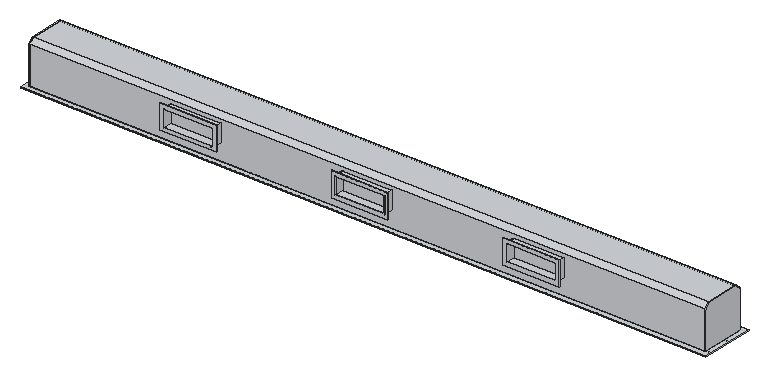
Revit family "DLQ", category Generic Models, Revit 2012
Parameters (values of type "DLQ-192")
  X = A / 2  # 96"
  URL = "http://www.innes.com.mx/"
  Mínima velocidad de cuello = 0 FPM
  Mínima presión estática = 0.00 in-wg
  Máximo nivel de ruido (NC) = ""
  Máxima velocidad de cuello = 0 FPM
  Máxima presión estática = 0.00 in-wg
  Material = ""
  Manufacturer = "INNES"
  Cuellos laterales [instance] = yes
  Cuello medio [instance] = yes
  Cuello = ""
  C = 5"
  B = 14"
  A = 192"
Types (8): name | X | Cuellos laterales | Cuello medio | B | A
  (no name) | 96" | yes | yes | 14" | 192"
  DLQ-48 | 24" | no | yes | 10" | 48"
  DLQ-72 | 36" | no | yes | 16" | 72"
  DLQ-96 | 48" | yes | no | 10" | 96"
  DLQ-120 | 60" | yes | no | 12" | 120"
  DLQ-144 | 72" | yes | no | 16" | 144"
  DLQ-168 | 84" | yes | no | 18" | 168"
  DLQ-192 | 96" | yes | yes | 14" | 192"
Reference planes (in)
  plane 1 "Center (Front/Back)": y = 0
  plane 2: z = 0
  plane 3 "Center (Left/Right)": x = 0
  plane 4: x = -96
  plane 5: x = 96
  plane 6: y = 7.375
  plane 7: y = -7.375
  plane 8 "Der. Level 2": x = -94.625
  plane 9 "Izq Level 2": x = 94.625
  plane 10 "Back2": y = 6
  plane 11 "Front 2": y = -6
  plane 12 "Level 2": z = 0.25
  plane 13: y = 2.5
  plane 14: y = 1.75
  plane 15: y = -1.75
  plane 16: y = -2.5
  plane 17: x = -95.25
  plane 18: x = 95.25
  plane 19: y = 6.625
  plane 20: y = -6.625
  plane 21: x = -93.75
  plane 22: y = 5.125
  plane 23: x = 93.75
  plane 24: y = -5.125
  plane 25: y = 5.875
  plane 26: y = -5.875
  plane 27 "Level 3": z = 12
  plane 28: z = 11.875
  plane 29: x = 22.32084
  plane 30: x = -22.375
  plane 31: x = 94.5
  plane 32: x = -94.5
  plane 33: x = -7
  plane 34: x = 7
  plane 35: x = 48
  plane 36: x = 41
  plane 37: x = 55
  plane 38: x = -48
  plane 39: x = -41
  plane 40: x = -55
  plane 41: z = 9.81046
  plane 42: z = 4.81046
  plane 43 "Top": y = -8.5
  plane 44: y = -8.625
Forms (in)
  Extrusion 1, solid
    sketch origin (0, 0, 0) x (1, 0, 0) y (0, 1, 0)
      loop
        line (-96, 7.375) -> (-96, -7.375) -> (96, -7.375) -> (96, 7.375) -> (-96, 7.375)
      loop
        line (-94.625, 6) -> (-94.625, -6) -> (94.625, -6) -> (94.625, 6) -> (-94.625, 6)
    from 0 to 0.25
  Extrusion 2, solid
    sketch origin (0, 0, 0) x (1, 0, 0) y (0, 1, 0)
      loop
        line (-94.625, 6) -> (-94.625, 2.5) -> (94.625, 2.5) -> (94.625, 6) -> (-94.625, 6)
      loop
        line (-94.625, 1.75) -> (-94.625, -1.75) -> (94.625, -1.75) -> (94.625, 1.75) -> (-94.625, 1.75)
      loop
        line (-94.625, -2.5) -> (-94.625, -6) -> (94.625, -6) -> (94.625, -2.5) -> (-94.625, -2.5)
    from 0 to 0.25
  Extrusion 3, solid
    sketch origin (0, 0, 0) x (1, 0, 0) y (0, 1, 0)
      loop
        line (-95.25, 6.625) -> (-95.25, -6.625) -> (95.25, -6.625) -> (95.25, 6.625) -> (-95.25, 6.625)
      loop
        line (-93.75, 5.125) -> (-93.75, -5.125) -> (93.75, -5.125) -> (93.75, 5.125) -> (-93.75, 5.125)
    from 0 to -0.25
  Extrusion 4, solid
    sketch origin (94.625, 0, 0) x (0, 1, 0) y (0, 0, 1)
      loop
        line (4.80178, 12) -> (-4.81046, 12) -> (-6, 10.81046) -> (-6, 0.25) -> (-5.875, 0.25) -> (-5.875, 10.75868) -> (-4.75868, 11.875) -> (4.75, 11.875) -> (5.875, 10.75) -> (5.875, 0.25) -> (6, 0.25) -> (6, 10.80178) -> (4.80178, 12)
    from 0 to -189.25
  Extrusion 5, solid
    sketch origin (94.625, 0, 0) x (0, 1, 0) y (0, 0, 1)
      loop
        line (6, 0.25) -> (6, 10.625) -> (4.75, 11.875) -> (-4.75868, 11.875) -> (-5.875, 10.75868) -> (-5.875, 0.25) -> (6, 0.25)
    from 0 to -0.125
  Extrusion 6, solid
    sketch origin (-94.625, 0, 0) x (0, 1, 0) y (0, 0, 1)
      loop
        line (-5.875, 0.25) -> (5.875, 0.25) -> (5.875, 10.75) -> (4.75, 11.875) -> (-4.75868, 11.875) -> (-5.875, 10.75868) -> (-5.875, 0.25)
    from 0 to 0.125
  Extrusion 7, solid, visible <- "Cuello medio"
    sketch origin (0, -6, 0) x (-1, 0, 0) y (0, 0, 1)
      loop
        line (7, 9.81046) -> (-7, 9.81046) -> (-7, 4.81046) -> (7, 4.81046) -> (7, 9.81046)
      loop
        line (6.875, 9.68546) -> (-6.875, 9.68546) -> (-6.875, 4.93546) -> (6.875, 4.93546) -> (6.875, 9.68546)
    from 0 to -2.5
  Extrusion 8, solid, visible <- "Cuellos laterales"
    sketch origin (0.17259, -6, -0.34672) x (-1, 0, 0) y (0, 0, 1)
      loop
        line (55.17259, 10.15717) -> (41.17259, 10.15717) -> (41.17259, 5.15717) -> (55.17259, 5.15717) -> (55.17259, 10.15717)
      loop
        line (-40.82741, 10.15717) -> (-54.82741, 10.15717) -> (-54.82741, 5.15717) -> (-40.82741, 5.15717) -> (-40.82741, 10.15717)
      loop
        line (55.04759, 10.03217) -> (41.29759, 10.03217) -> (41.29759, 5.28217) -> (55.04759, 5.28217) -> (55.04759, 10.03217)
      loop
        line (-40.95241, 10.03217) -> (-54.69419, 10.03217) -> (-54.69419, 5.28217) -> (-40.95241, 5.28217) -> (-40.95241, 10.03217)
    from 0 to -2.5
  Extrusion 9, solid, visible <- "Cuello medio"
    sketch origin (0.125, -8.5, 0.68954) x (0, 0, 1) y (-1, 0, 0)
      loop
        line (8.99592, 7) -> (4.24592, 7) -> (4.24592, -6.75) -> (8.99592, -6.75) -> (8.99592, 7)
      loop
        line (9.99592, 8) -> (3.24592, 8) -> (3.24592, -7.75) -> (9.99592, -7.75) -> (9.99592, 8)
    from 0 to 0.125
  Extrusion 10, solid, visible <- "Cuellos laterales"
    sketch origin (0, -8.5, 0) x (0, 0, 1) y (-1, 0, 0)
      loop
        line (10.68546, 55.875) -> (3.93546, 55.875) -> (3.93546, 40.125) -> (10.68546, 40.125) -> (10.68546, 55.875)
      loop
        line (9.68546, 54.875) -> (4.93546, 54.875) -> (4.93546, 41.125) -> (9.68546, 41.125) -> (9.68546, 54.875)
      loop
        line (10.68546, -40.125) -> (3.93546, -40.125) -> (3.93546, -55.86679) -> (10.68546, -55.86679) -> (10.68546, -40.125)
      loop
        line (9.68546, -41.125) -> (4.93546, -41.125) -> (4.93546, -54.86679) -> (9.68546, -54.86679) -> (9.68546, -41.125)
    from 0 to 0.125
Dimensions and locks (in)
  equal spacing: plane 4, plane 3 "Center (Left/Right)", plane 5
  equal spacing: plane 6, plane 1 "Center (Front/Back)", plane 7
  "A": plane 4 to plane 5
  locked: plane 6 to plane 7 at 14.75
  locked: plane 4 to plane 8 "Der. Level 2" at 1.375
  locked: plane 9 "Izq Level 2" to plane 5 at 1.375
  locked: plane 6 to plane 10 "Back2" at 1.375
  locked: plane 11 "Front 2" to plane 7 at 1.375
  locked: plane 12 "Level 2" to level at 0.25
  locked: plane 10 "Back2" to plane 13 at 3.5
  locked: plane 13 to plane 14 at 0.75
  locked: plane 14 to plane 15 at 3.5
  locked: plane 15 to plane 16 at 0.75
  locked: plane 6 to plane 19 at 0.75
  locked: plane 4 to plane 17 at 0.75
  locked: plane 18 to plane 5 at 0.75
  locked: plane 20 to plane 7 at 0.75
  locked: plane 17 to plane 21 at 1.5
  locked: plane 19 to plane 22 at 1.5
  locked: plane 23 to plane 18 at 1.5
  locked: plane 24 to plane 20 at 1.5
  locked: plane 10 "Back2" to plane 25 at 0.125
  locked: plane 26 to plane 11 "Front 2" at 0.125
  locked: plane 27 "Level 3" to level at 12
  locked: plane 27 "Level 3" to plane 28 at 0.125
  Extrusion 4 sketch curve to Extrusion 4 sketch curve = 1 1/8"
  Extrusion 4 sketch curve to Extrusion 4 sketch curve = 1.11632"
  Extrusion 4 sketch curve to Extrusion 4 sketch curve = 1/8"
  Extrusion 4 to plane 30 = 72 1/4"
  locked: plane 9 "Izq Level 2" to plane 31 at 0.125
  locked: plane 32 to plane 8 "Der. Level 2" at 0.125
  equal spacing: plane 34, plane 3 "Center (Left/Right)", plane 33
  "B": plane 34 to plane 33
  equal spacing: plane 35, plane 3 "Center (Left/Right)", plane 38
  "X": plane 35 to plane 38
  equal spacing: plane 39, plane 38, plane 40
  "B": plane 39 to plane 40
  equal spacing: plane 37, plane 35, plane 36
  "B": plane 37 to plane 36
  locked: Extrusion 4 to plane 41 at 1
  "C": plane 41 to plane 42
  Extrusion 7 sketch curve to Extrusion 7 sketch curve = 1/8"  (x4)
  locked: Extrusion 7 to Extrusion 7 at 0.125  (x4)
  locked: plane 11 "Front 2" to plane 43 "Top" at 2.5
  locked: plane 41 to Extrusion 8 at 0.125
  locked: Extrusion 8 to plane 40 at 0.125
  locked: Extrusion 8 to plane 42 at 0.125  (x2)
  locked: Extrusion 8 to plane 39 at 0.125
  Extrusion 8 to plane 36 = 1/8"
  locked: Extrusion 8 to plane 37 at 0.13321
  locked: Extrusion 9 to Extrusion 9 at 1  (x4)
  locked: plane 43 "Top" to plane 44 at 0.125
  locked: Extrusion 10 to Extrusion 10 at 1  (x8)
  angle Extrusion 4 sketch curve to Extrusion 4 sketch curve = 135.00°
  angle Extrusion 4 sketch curve to Extrusion 4 sketch curve = 45.00°  (x3)
  locked: Extrusion 4 to Extrusion 4 (angle 135.00°)  (x4)
  aligned and locked: plane 2 to level
  aligned and locked: Extrusion 1 sketch curve to plane 6
  aligned and locked: plane 4 to Extrusion 1 sketch curve
  aligned and locked: Extrusion 1 sketch curve to plane 7
  aligned and locked: Extrusion 1 sketch curve to plane 5
  aligned and locked: Extrusion 1 to plane 6
  aligned and locked: Extrusion 1 to plane 10 "Back2"
  aligned and locked: Extrusion 1 to plane 9 "Izq Level 2"
  aligned and locked: plane 5 to Extrusion 1
  aligned and locked: Extrusion 1 to plane 11 "Front 2"
  aligned and locked: Extrusion 1 to plane 7
  aligned and locked: plane 8 "Der. Level 2" to Extrusion 1
  aligned and locked: Extrusion 1 to plane 4
  aligned and locked: Extrusion 1 to plane 12 "Level 2"
  aligned and locked: Extrusion 2 to plane 10 "Back2"
  aligned and locked: Extrusion 2 to plane 8 "Der. Level 2"  (x3)
  aligned and locked: Extrusion 2 to plane 13
  aligned and locked: plane 9 "Izq Level 2" to Extrusion 2  (x3)
  aligned and locked: Extrusion 2 to plane 14
  aligned and locked: Extrusion 2 to plane 15
  aligned and locked: Extrusion 2 to plane 16
  aligned and locked: Extrusion 2 to plane 11 "Front 2"
  aligned and locked: Extrusion 1 to Extrusion 2
  aligned and locked: Extrusion 3 to plane 19
  aligned and locked: plane 17 to Extrusion 3
  aligned and locked: Extrusion 3 to plane 20
  aligned and locked: Extrusion 3 to plane 18
  aligned and locked: Extrusion 3 to plane 23
  aligned and locked: Extrusion 3 to plane 22
  aligned and locked: plane 21 to Extrusion 3
  aligned and locked: Extrusion 3 to plane 24
  aligned and locked: plane 12 "Level 2" to Extrusion 4 sketch curve  (x2)
  aligned and locked: plane 10 "Back2" to Extrusion 4 sketch curve
  aligned and locked: plane 25 to Extrusion 4 sketch curve
  aligned and locked: plane 27 "Level 3" to Extrusion 4 sketch curve
  aligned and locked: plane 28 to Extrusion 4 sketch curve
  aligned and locked: Extrusion 4 sketch curve to plane 11 "Front 2"
  aligned and locked: Extrusion 4 sketch curve to plane 26
  aligned and locked: plane 10 "Back2" to Extrusion 4
  aligned and locked: Extrusion 4 to plane 25
  aligned and locked: plane 27 "Level 3" to Extrusion 4
  aligned and locked: Extrusion 4 to plane 28
  aligned and locked: Extrusion 4 to plane 11 "Front 2"
  aligned and locked: Extrusion 4 to plane 26
  aligned and locked: Extrusion 4 to plane 8 "Der. Level 2"
  aligned and locked: plane 10 "Back2" to Extrusion 5
  aligned and locked: Extrusion 5 to Extrusion 4  (x2)
  aligned and locked: plane 28 to Extrusion 5
  aligned and locked: Extrusion 5 to plane 26
  aligned and locked: Extrusion 5 to Extrusion 1
  aligned and locked: Extrusion 5 to plane 12 "Level 2"
  aligned and locked: Extrusion 5 to plane 31
  aligned and locked: Extrusion 6 to plane 26
  aligned and locked: Extrusion 6 to Extrusion 4  (x2)
  aligned and locked: plane 28 to Extrusion 6
  aligned and locked: plane 25 to Extrusion 6
  aligned and locked: Extrusion 6 to Extrusion 1
  aligned and locked: plane 32 to Extrusion 6
  aligned and locked: Extrusion 7 to plane 33
  aligned and locked: plane 41 to Extrusion 7
  aligned and locked: plane 34 to Extrusion 7
  aligned and locked: Extrusion 7 to plane 42
  aligned and locked: plane 43 "Top" to Extrusion 7
  aligned and locked: Extrusion 8 to plane 40
  aligned and locked: plane 41 to Extrusion 8
  aligned and locked: plane 39 to Extrusion 8
  aligned and locked: Extrusion 8 to plane 42
  aligned and locked: Extrusion 8 to plane 41
  aligned and locked: Extrusion 8 to plane 36
  aligned and locked: plane 37 to Extrusion 8
  aligned and locked: plane 42 to Extrusion 8
  aligned and locked: Extrusion 7 to Extrusion 8
  aligned and locked: Extrusion 8 to Extrusion 7
  aligned and locked: Extrusion 7 to Extrusion 9
  aligned and locked: Extrusion 9 to Extrusion 7  (x3)
  aligned and locked: plane 44 to Extrusion 9
  aligned and locked: Extrusion 8 to Extrusion 10  (x3)
  aligned and locked: Extrusion 10 to Extrusion 8  (x5)
  aligned and locked: Extrusion 10 to Extrusion 9
Automatic sketch dimensions
  Extrusion 1 sketch curve to plane 8 "Der. Level 2" = 0"
  Extrusion 1 sketch curve to plane 9 "Izq Level 2" = 0"
  Extrusion 1 sketch curve to plane 11 "Front 2" = 0"
  Extrusion 1 sketch curve to plane 10 "Back2" = 0"
  Extrusion 2 sketch curve to plane 8 "Der. Level 2" = 0"  (x3)
  Extrusion 2 sketch curve to plane 9 "Izq Level 2" = 0"  (x3)
  Extrusion 2 sketch curve to plane 11 "Front 2" = 0"
  Extrusion 2 sketch curve to plane 16 = 0"
  Extrusion 2 sketch curve to plane 15 = 0"
  Extrusion 2 sketch curve to plane 14 = 0"
  Extrusion 2 sketch curve to plane 13 = 0"
  Extrusion 2 sketch curve to plane 10 "Back2" = 0"
  Extrusion 3 sketch curve to plane 17 = 0"
  Extrusion 3 sketch curve to plane 21 = 0"
  Extrusion 3 sketch curve to plane 22 = 0"
  Extrusion 3 sketch curve to plane 23 = 0"
  Extrusion 3 sketch curve to plane 18 = 0"
  Extrusion 3 sketch curve to plane 20 = 0"
  plane 24 to Extrusion 3 sketch curve = 0"
  Extrusion 3 sketch curve to plane 19 = 0"
  Extrusion 4 sketch curve to Extrusion 4 sketch curve = 0.05178"
  Extrusion 5 sketch curve to plane 26 = 0"
  Extrusion 5 sketch curve to plane 28 = 0"
  plane 25 to Extrusion 5 sketch curve = 1/8"
  Extrusion 5 sketch curve to plane 12 "Level 2" = 0"
  Extrusion 5 sketch curve to plane 24 = 0.36632"
  Extrusion 5 sketch curve to plane 22 = 3/8"
  Extrusion 5 sketch curve to plane 28 = 1 1/4"
  Extrusion 5 sketch curve to plane 28 = 1.11632"
  Extrusion 6 sketch curve to plane 26 = 0"
  Extrusion 6 sketch curve to plane 12 "Level 2" = 0"
  Extrusion 6 sketch curve to plane 28 = 0"
  plane 25 to Extrusion 6 sketch curve = 0"
  Extrusion 6 sketch curve to plane 24 = 0.36632"
  Extrusion 6 sketch curve to plane 22 = 3/8"
  Extrusion 6 sketch curve to plane 28 = 1 1/8"
  Extrusion 6 sketch curve to plane 28 = 1.11632"
  Extrusion 7 sketch curve to plane 34 = 0"
  Extrusion 7 sketch curve to plane 33 = 0"
  Extrusion 7 sketch curve to plane 42 = 0"
  Extrusion 7 sketch curve to plane 41 = 0"
  Extrusion 8 sketch curve to plane 37 = 0"
  Extrusion 8 sketch curve to plane 36 = 0"
  Extrusion 8 sketch curve to plane 39 = 0"
  Extrusion 8 sketch curve to plane 40 = 0"
  Extrusion 8 sketch curve to plane 42 = 0"  (x2)
  Extrusion 8 sketch curve to plane 41 = 0"  (x2)
  Extrusion 8 sketch curve to plane 37 = 0.13321"
  plane 36 to Extrusion 8 sketch curve = 1/8"
  Extrusion 8 sketch curve to plane 39 = 1/8"
  plane 40 to Extrusion 8 sketch curve = 1/8"
  plane 42 to Extrusion 8 sketch curve = 1/8"  (x2)
  Extrusion 8 sketch curve to plane 41 = 1/8"  (x2)
  plane 34 to Extrusion 9 sketch curve = 7/8"
  Extrusion 9 sketch curve to plane 42 = 7/8"
  plane 42 to Extrusion 9 sketch curve = 1/8"
  Extrusion 9 sketch curve to plane 41 = 1/8"
  plane 41 to Extrusion 9 sketch curve = 7/8"
  Extrusion 9 sketch curve to plane 34 = 1/8"
  plane 33 to Extrusion 9 sketch curve = 1/8"
  Extrusion 9 sketch curve to plane 33 = 7/8"
  Extrusion 10 sketch curve to plane 36 = 7/8"
  Extrusion 10 sketch curve to plane 42 = 7/8"  (x2)
  plane 42 to Extrusion 10 sketch curve = 1/8"  (x2)
  Extrusion 10 sketch curve to plane 41 = 1/8"  (x2)
  plane 41 to Extrusion 10 sketch curve = 7/8"  (x2)
  plane 36 to Extrusion 10 sketch curve = 1/8"
  Extrusion 10 sketch curve to plane 37 = 0.13321"
  plane 37 to Extrusion 10 sketch curve = 0.86679"
  plane 39 to Extrusion 10 sketch curve = 7/8"
  Extrusion 10 sketch curve to plane 39 = 1/8"
  plane 40 to Extrusion 10 sketch curve = 1/8"
  Extrusion 10 sketch curve to plane 40 = 7/8"
